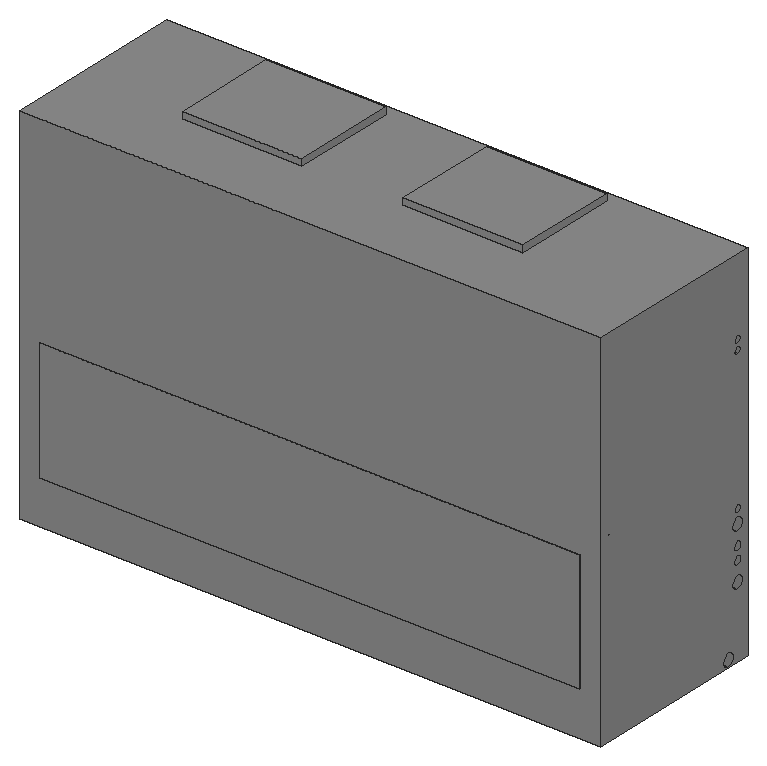
Revit family
Parameters (values of type "40RUQ16")
  Width = 2' - 4 3/16"
  Voltage = 0 V
  Version = 1
  Unit Material = Paint - Carrier - American Sterling Gray
  UV-C Germicidal Lamp [instance] = no
  URL = "www.carrier.com"
  Type Comments = "15 Tons Split System Heat Pump Indoor Unit"
  Top Duct Width = 1' - 4 1/16"
  Top Duct Length = 1' - 6 3/8"
  Top Duct Height = 0' - 1"
  TXV Bulb Connection Size = 7/8"
  TXV Bulb Connection Radius = TXV Bulb Connection Size / 2  # 0' - 0 7/16"
  Suction Connection Size = 1 1/8"
  Suction Connection Radius = Suction Connection Size / 2  # 0' - 0 9/16"
  Subbase [instance] = no
  Steam Heating Coil [instance] = no
  Right Clearance = 2' - 6"
  Return Air Intake Length = 6' - 10 3/4"
  Front Return Air Intake Height = 1' - 6 1/2"
  Return Air Grille [instance] = no
  Programmable Thermostats [instance] = no
  Prepainted Units [instance] = no
  Overhead Suspension Package [instance] = no
  Model = "40RUQ16"
  Manufacturer = "Carrier"  # constant formula
  MOCP = 0 A
  MCA = 0 A
  Liquid Connection Size = 5/8"
  Liquid Connection Radius = Liquid Connection Size / 2  # 0' - 0 5/16"
  Length = 7' - 5"
  Left Clearance = 2' - 6"
  Hot Water Heating Coils [instance] = no
  Height = 4' - 8 1/16"
  Front Clearance = 2' - 6"
  Fan Radius = 1' - 0"
  Electric Heat [instance] = no
  Economizer [instance] = no
  Drain Connection Size = 1 1/4"
  Drain Connection Radius = Drain Connection Size / 2  # 0' - 0 5/8"
  Disclaimer = "Manufacturer reserves the right to change, at any time, specifications and designs without notice and without obligation.  Please verify critical parameters with local Carrier commercial sales office."  # constant formula
  Discharge Plenum [instance] = no
  Condensate Drain Trap [instance] = no
  CO2 Sensors [instance] = no
  CFM Per Duct [instance] = 0 CFM
  CFM (nominal) = 0 CFM
  Bottom Return Air Intake Width = 1' - 5 1/4"
  Back Clearance = 0' - 3"
  Assembly Code = "D3050200"
  Alternate Fan Motors [instance] = no
  Alternate Drives [instance] = no
Types (3): name | Type Comments | Top Duct Width | Top Duct Length | Model
  (no name) | "15 Tons Split System Heat Pump Indoor Unit" | 1' - 4 1/16" | 1' - 6 3/8" | "40RUQ16"
  40RUQ16 | "15 Tons Split System Heat Pump Indoor Unit" | 1' - 4 1/16" | 1' - 6 3/8" | "40RUQ16"
  40RUQ25 | "20 Tons Split System Heat Pump Indoor Unit" | 1' - 4" | 1' - 6" | "40RUQ25"
Reference planes (in)
  plane 1 "Center (Front/Back)": y = 0
  plane 2: z = 0
  plane 3 "Center (Left/Right)": x = 0
  plane 4 "Bace Face of Unit": y = 14.09375
  plane 5 "Front Face of Unit": y = -14.09375
  plane 6 "Left Face of Unit": x = -44.5
  plane 7 "Right Face of Unit": x = 44.5
  plane 8 "Back Clearance Line": y = 17.09375
  plane 9 "Left Clearance Line": x = -74.5
  plane 10 "Right Clearance Line": x = 74.5
  plane 11 "Front Clearance Line": y = -44.09375
  plane 12 "Top of Unit": z = 56.0625
  plane 13 "Bottom of Unit": z = 0
  plane 14 "Left Top Duct Left Edge": x = -28
  plane 15 "Left Top Duct Right Edge": x = -9.625
  plane 16 "Top Duct Back Edge": y = 12.46875
  plane 17 "Top Duct Front Edge": y = -3.59375
  plane 18 "Top Duct Top": z = 57.0625
  plane 19 "Side Connections Centerline": y = 12.09375
  plane 20 "Lower Suction Connection Centerline": z = 11.0625
  plane 21 "Lower Liquid Connection Centerline": z = 14.0625
  plane 22 "Upper Liquid Connection Centerline": z = 16.0625
  plane 23 "Upper Suction Connection Centerline": z = 19.0625
  plane 24 "TXV Bulb Connection": z = 21.1875
  plane 25 "Top Power Entry Centerline": z = 44.4375
  plane 26 "Lower Power Entry Centerline": z = 42.9375
  plane 27 "Drain Connection Centerline": z = 1.125
  plane 28 "Drain Centerline - Horizontal": y = 10.34375
  plane 29 "Right Top Duct Left Edge": x = 5.75
  plane 30 "Right Top Duct Right Edge": x = 24.125
  plane 31 "Front Drain Connection Horizontal": z = 29.0625
  plane 32 "Front Drain Connection Vertical": y = -12.09375
  plane 33 "Left Edge of Intake": x = -41.375
  plane 34 "Right Edge of Intake": x = 41.375
  plane 35 "Top Edge of Intake": z = 25.25
  plane 36 "Bottom Edge of Intake": z = 6.75
  plane 37 "Back Edge of Intake": y = 6.84375
  plane 38 "Front Edge of Intake": y = -10.40625
Forms (in)
  Extrusion 1, solid, material "Paint - Carrier - American Sterling Gray" <- "Unit Material"
    sketch origin (0, 0, 0) x (1, 0, 0) y (0, 1, 0)
      loop
        line (-44.5, -14.09375) -> (44.5, -14.09375) -> (44.5, 14.09375) -> (-44.5, 14.09375) -> (-44.5, -14.09375)
    from 0 to 56.0625
  Extrusion 2, solid, material "Paint - Carrier - American Sterling Gray" <- "Unit Material", detail levels medium+fine
    sketch origin (0, 0, 56.0625) x (-1, 0, 0) y (0, -1, 0)
      loop
        line (28, 3.59375) -> (9.625, 3.59375) -> (9.625, -12.46875) -> (28, -12.46875) -> (28, 3.59375)
    from 0 to 1
  Extrusion 3, solid, material "Paint - Carrier - American Sterling Gray" <- "Unit Material", detail levels fine
    sketch origin (44.5, 0, 0) x (0, 1, 0) y (0, 0, 1)
      loop
        circle (12.09375, 44.4375) r 0.4375
    from 0 to -0.5
  Extrusion 4, solid, material "Paint - Carrier - American Sterling Gray" <- "Unit Material", detail levels fine
    sketch origin (44.5, 0, 0) x (0, 1, 0) y (0, 0, 1)
      loop
        circle (12.09375, 42.9375) r 0.4375
    from 0 to -0.5
  Extrusion 5, solid, material "Paint - Carrier - American Sterling Gray" <- "Unit Material", detail levels fine
    sketch origin (44.5, 0, 0) x (0, 1, 0) y (0, 0, 1)
      loop
        circle (12.09375, 21.1875) r 0.4375
    from 0 to -0.5
  Extrusion 6, solid, material "Paint - Carrier - American Sterling Gray" <- "Unit Material", detail levels fine
    sketch origin (44.5, 0, 0) x (0, 1, 0) y (0, 0, 1)
      loop
        circle (12.09375, 19.0625) r 0.875
    from 0 to -0.5
  Extrusion 7, solid, material "Paint - Carrier - American Sterling Gray" <- "Unit Material", detail levels fine
    sketch origin (44.5, 0, 0) x (0, 1, 0) y (0, 0, 1)
      loop
        circle (12.09375, 16.0625) r 0.5625
    from 0 to -0.5
  Extrusion 8, solid, material "Paint - Carrier - American Sterling Gray" <- "Unit Material", detail levels fine
    sketch origin (44.5, 0, 0) x (0, 1, 0) y (0, 0, 1)
      loop
        circle (12.09375, 14.0625) r 0.5625
    from 0 to -0.5
  Extrusion 9, solid, material "Paint - Carrier - American Sterling Gray" <- "Unit Material", detail levels fine
    sketch origin (44.5, 0, 0) x (0, 1, 0) y (0, 0, 1)
      loop
        circle (12.09375, 11.0625) r 0.875
    from 0 to -0.5
  Extrusion 10, solid, material "Paint - Carrier - American Sterling Gray" <- "Unit Material", detail levels fine
    sketch origin (44.5, 0, 0) x (0, 1, 0) y (0, 0, 1)
      loop
        circle (10.34375, 1.125) r 0.875
    from 0 to -0.5
  Extrusion 11, solid, material "Paint - Carrier - American Sterling Gray" <- "Unit Material", detail levels medium+fine
    sketch origin (0, 0, 56.0625) x (-1, 0, 0) y (0, -1, 0)
      loop
        line (-5.75, 3.59375) -> (-24.125, 3.59375) -> (-24.125, -12.46875) -> (-5.75, -12.46875) -> (-5.75, 3.59375)
    from 1 to 0
  Extrusion 12, solid, material "Paint - Carrier - American Sterling Gray" <- "Unit Material", detail levels fine
    sketch origin (44.5, 0, 0) x (0, 1, 0) y (0, 0, 1)
      loop
        circle (-12.09375, 29.0625) r 0.875
    from 0 to -0.5
  Extrusion 13, solid, material "Paint - Carrier - American Sterling Gray" <- "Unit Material", detail levels medium+fine
    sketch origin (0, -14.09375, 0) x (-1, 0, 0) y (0, 0, 1)
      loop
        line (41.375, 6.75) -> (41.375, 25.25) -> (-41.375, 25.25) -> (-41.375, 6.75) -> (41.375, 6.75)
    from 0 to 0.5
  Extrusion 14, solid, material "Paint - Carrier - American Sterling Gray" <- "Unit Material", detail levels medium+fine
    sketch origin (0, 0, 0) x (-1, 0, 0) y (0, -1, 0)
      loop
        line (41.375, 10.40625) -> (-41.375, 10.40625) -> (-41.375, -6.84375) -> (41.375, -6.84375) -> (41.375, 10.40625)
    from 0 to 0.5
Lines and regions (in)
  symbolic lines, style "Clearance Zones", detail levels fine
    curve 1: line (-74.5, -44.09375, 0) -> (74.5, -44.09375, 0)
    curve 2: line (-74.5, 17.09375, 0) -> (-74.5, -44.09375, 0)
    curve 3: line (74.5, 17.09375, 0) -> (-74.5, 17.09375, 0)
    curve 4: line (74.5, -44.09375, 0) -> (74.5, 17.09375, 0)
  model lines, detail levels medium+fine
    curve 5: line (-42, -14.09375, 3.5) -> (42, -14.09375, 3.5)
    curve 6: line (-42, -14.09375, 26.78125) -> (-42, -14.09375, 3.5)
    curve 7: line (42, -14.09375, 26.78125) -> (-42, -14.09375, 26.78125)
    curve 8: line (42, -14.09375, 3.5) -> (42, -14.09375, 26.78125)
    curve 9: line (-42, -14.09375, 29.28125) -> (42, -14.09375, 29.28125)
    curve 10: line (-42, -14.09375, 53.5625) -> (-42, -14.09375, 29.28125)
    curve 11: line (42, -14.09375, 53.5625) -> (-42, -14.09375, 53.5625)
    curve 12: line (42, -14.09375, 29.28125) -> (42, -14.09375, 53.5625)
    curve 13: line (-44.5, 10.09375, 3.5) -> (-44.5, -10.09375, 3.5)
    curve 14: line (-44.5, 10.09375, 53.5625) -> (-44.5, 10.09375, 3.5)
    curve 15: line (-44.5, -10.09375, 53.5625) -> (-44.5, 10.09375, 53.5625)
    curve 16: line (-44.5, -10.09375, 3.5) -> (-44.5, -10.09375, 53.5625)
    curve 17: line (44.5, -10.09375, 3.5) -> (44.5, 10.09375, 3.5)
    curve 18: line (44.5, -10.09375, 53.5625) -> (44.5, -10.09375, 3.5)
    curve 19: line (44.5, 10.09375, 53.5625) -> (44.5, -10.09375, 53.5625)
    curve 20: line (44.5, 10.09375, 3.5) -> (44.5, 10.09375, 53.5625)
Dimensions and locks (in)
  equal spacing: plane 6 "Left Face of Unit", plane 3 "Center (Left/Right)", plane 7 "Right Face of Unit"
  "Length": plane 6 "Left Face of Unit" to plane 7 "Right Face of Unit"
  equal spacing: plane 4 "Bace Face of Unit", plane 1 "Center (Front/Back)", plane 5 "Front Face of Unit"
  "Width": plane 4 "Bace Face of Unit" to plane 5 "Front Face of Unit"
  "Left Clearance": plane 9 "Left Clearance Line" to plane 6 "Left Face of Unit"
  "Right Clearance": plane 7 "Right Face of Unit" to plane 10 "Right Clearance Line"
  "Back Clearance": plane 8 "Back Clearance Line" to plane 4 "Bace Face of Unit"
  "Front Clearance": plane 5 "Front Face of Unit" to plane 11 "Front Clearance Line"
  "Height": plane 12 "Top of Unit" to level
  plane 6 "Left Face of Unit" to plane 14 "Left Top Duct Left Edge" = 1' - 4 1/2"
  "Top Duct Length": plane 14 "Left Top Duct Left Edge" to plane 15 "Left Top Duct Right Edge"
  "Top Duct Width": plane 16 "Top Duct Back Edge" to plane 17 "Top Duct Front Edge"
  locked: plane 4 "Bace Face of Unit" to plane 16 "Top Duct Back Edge" at 1.625
  "Top Duct Height": plane 18 "Top Duct Top" to plane 12 "Top of Unit"
  locked: curve 10 to plane 6 "Left Face of Unit" at 2.5
  locked: plane 7 "Right Face of Unit" to curve 12 at 2.5
  locked: plane 12 "Top of Unit" to curve 11 at 2.5
  locked: curve 11 to curve 9 at 24.28125
  locked: curve 9 to curve 7 at 2.5
  locked: curve 5 to plane 13 "Bottom of Unit" at 3.5
  plane 4 "Bace Face of Unit" to curve 14 = 0' - 4"
  curve 16 to plane 5 "Front Face of Unit" = 0' - 4"
  curve 13 to plane 13 "Bottom of Unit" = 0' - 3 1/2"
  plane 12 "Top of Unit" to curve 15 = 0' - 2 1/2"
  locked: plane 19 "Side Connections Centerline" to plane 4 "Bace Face of Unit" at 2
  locked: plane 20 "Lower Suction Connection Centerline" to plane 13 "Bottom of Unit" at 11.0625
  locked: plane 21 "Lower Liquid Connection Centerline" to plane 13 "Bottom of Unit" at 14.0625
  locked: plane 22 "Upper Liquid Connection Centerline" to plane 13 "Bottom of Unit" at 16.0625
  locked: plane 23 "Upper Suction Connection Centerline" to plane 13 "Bottom of Unit" at 19.0625
  locked: plane 24 "TXV Bulb Connection" to plane 13 "Bottom of Unit" at 21.1875
  locked: plane 26 "Lower Power Entry Centerline" to plane 13 "Bottom of Unit" at 42.9375
  locked: plane 25 "Top Power Entry Centerline" to plane 13 "Bottom of Unit" at 44.4375
  locked: plane 28 "Drain Centerline - Horizontal" to plane 4 "Bace Face of Unit" at 3.75
  locked: plane 15 "Left Top Duct Right Edge" to plane 29 "Right Top Duct Left Edge" at 15.375
  "Top Duct Length": plane 29 "Right Top Duct Left Edge" to plane 30 "Right Top Duct Right Edge"
  locked: plane 31 "Front Drain Connection Horizontal" to plane 13 "Bottom of Unit" at 29.0625
  locked: plane 5 "Front Face of Unit" to plane 32 "Front Drain Connection Vertical" at 2
  locked: plane 33 "Left Edge of Intake" to plane 6 "Left Face of Unit" at 3.125
  "Return Air Intake Length": plane 34 "Right Edge of Intake" to plane 33 "Left Edge of Intake"
  locked: plane 36 "Bottom Edge of Intake" to plane 13 "Bottom of Unit" at 6.75
  "Front Return Air Intake Height": plane 35 "Top Edge of Intake" to plane 36 "Bottom Edge of Intake"
  locked: plane 38 "Front Edge of Intake" to plane 5 "Front Face of Unit" at 3.6875
  "Bottom Return Air Intake Width": plane 37 "Back Edge of Intake" to plane 38 "Front Edge of Intake"
  locked: Extrusion 14 to plane 13 "Bottom of Unit" at 0.5
  radius of Extrusion 3 sketch curve = 0' - 0 7/16"
  radius of Extrusion 4 sketch curve = 0' - 0 7/16"
  radius of Extrusion 5 sketch curve = 0' - 0 7/16"
  radius of Extrusion 6 sketch curve = 0' - 0 7/8"
  radius of Extrusion 7 sketch curve = 0' - 0 9/16"
  radius of Extrusion 8 sketch curve = 0' - 0 9/16"
  radius of Extrusion 9 sketch curve = 0' - 0 7/8"
  radius of Extrusion 10 sketch curve = 0' - 0 7/8"
  radius of Extrusion 12 sketch curve = 0' - 0 7/8"
  aligned and locked: level to plane 2
  aligned and locked: plane 8 "Back Clearance Line" to curve 3
  aligned and locked: plane 10 "Right Clearance Line" to curve 4
  aligned and locked: curve 1 to plane 11 "Front Clearance Line"
  aligned and locked: curve 2 to plane 9 "Left Clearance Line"
  aligned and locked: level to plane 13 "Bottom of Unit"
  aligned and locked: plane 4 "Bace Face of Unit" to Extrusion 1 sketch curve
  aligned and locked: Extrusion 1 sketch curve to plane 6 "Left Face of Unit"
  aligned and locked: plane 7 "Right Face of Unit" to Extrusion 1
  aligned and locked: Extrusion 1 to plane 5 "Front Face of Unit"
  aligned and locked: plane 12 "Top of Unit" to Extrusion 1
  aligned and locked: Extrusion 1 to plane 13 "Bottom of Unit"
  aligned and locked: plane 16 "Top Duct Back Edge" to Extrusion 2 sketch curve
  aligned and locked: plane 15 "Left Top Duct Right Edge" to Extrusion 2 sketch curve
  aligned and locked: Extrusion 2 sketch curve to plane 14 "Left Top Duct Left Edge"
  aligned and locked: Extrusion 2 sketch curve to plane 17 "Top Duct Front Edge"
  aligned and locked: Extrusion 2 to plane 12 "Top of Unit"
  aligned and locked: plane 18 "Top Duct Top" to Extrusion 2
  aligned and locked: curve 10 to curve 6
  aligned and locked: curve 8 to curve 12
  aligned and locked: curve 19 to curve 15
  aligned and locked: curve 18 to curve 16
  aligned and locked: curve 17 to curve 13
  aligned and locked: curve 20 to curve 14
  aligned and locked: plane 19 "Side Connections Centerline" to Extrusion 3 sketch curve
  aligned and locked: plane 25 "Top Power Entry Centerline" to Extrusion 3 sketch curve
  aligned and locked: plane 7 "Right Face of Unit" to Extrusion 3
  aligned and locked: plane 19 "Side Connections Centerline" to Extrusion 4 sketch curve
  aligned and locked: plane 26 "Lower Power Entry Centerline" to Extrusion 4 sketch curve
  aligned and locked: plane 19 "Side Connections Centerline" to Extrusion 5 sketch curve
  aligned and locked: plane 24 "TXV Bulb Connection" to Extrusion 5 sketch curve
  aligned and locked: plane 23 "Upper Suction Connection Centerline" to Extrusion 6 sketch curve
  aligned and locked: plane 19 "Side Connections Centerline" to Extrusion 6 sketch curve
  aligned and locked: plane 19 "Side Connections Centerline" to Extrusion 7 sketch curve
  aligned and locked: plane 22 "Upper Liquid Connection Centerline" to Extrusion 7 sketch curve
  aligned and locked: plane 19 "Side Connections Centerline" to Extrusion 8 sketch curve
  aligned and locked: plane 21 "Lower Liquid Connection Centerline" to Extrusion 8 sketch curve
  aligned and locked: plane 19 "Side Connections Centerline" to Extrusion 9 sketch curve
  aligned and locked: plane 20 "Lower Suction Connection Centerline" to Extrusion 9 sketch curve
  aligned and locked: plane 28 "Drain Centerline - Horizontal" to Extrusion 10 sketch curve
  aligned and locked: plane 27 "Drain Connection Centerline" to Extrusion 10 sketch curve
  aligned and locked: plane 7 "Right Face of Unit" to Extrusion 10
  aligned and locked: plane 7 "Right Face of Unit" to Extrusion 9
  aligned and locked: plane 7 "Right Face of Unit" to Extrusion 8
  aligned and locked: plane 7 "Right Face of Unit" to Extrusion 7
  aligned and locked: plane 7 "Right Face of Unit" to Extrusion 6
  aligned and locked: plane 7 "Right Face of Unit" to Extrusion 5
  aligned and locked: plane 7 "Right Face of Unit" to Extrusion 4
  aligned and locked: plane 30 "Right Top Duct Right Edge" to Extrusion 11 sketch curve
  aligned and locked: Extrusion 11 sketch curve to plane 29 "Right Top Duct Left Edge"
  aligned and locked: plane 16 "Top Duct Back Edge" to Extrusion 11 sketch curve
  aligned and locked: Extrusion 11 sketch curve to plane 17 "Top Duct Front Edge"
  aligned and locked: Extrusion 11 to plane 12 "Top of Unit"
  aligned and locked: plane 18 "Top Duct Top" to Extrusion 11
  aligned and locked: plane 32 "Front Drain Connection Vertical" to Extrusion 12 sketch curve
  aligned and locked: plane 31 "Front Drain Connection Horizontal" to Extrusion 12 sketch curve
  aligned and locked: plane 7 "Right Face of Unit" to Extrusion 12
  aligned and locked: plane 34 "Right Edge of Intake" to Extrusion 13 sketch curve
  aligned and locked: plane 35 "Top Edge of Intake" to Extrusion 13 sketch curve
  aligned and locked: Extrusion 13 sketch curve to plane 33 "Left Edge of Intake"
  aligned and locked: Extrusion 13 sketch curve to plane 36 "Bottom Edge of Intake"
  aligned and locked: plane 34 "Right Edge of Intake" to Extrusion 14 sketch curve
  aligned and locked: Extrusion 14 sketch curve to plane 33 "Left Edge of Intake"
  aligned and locked: Extrusion 14 sketch curve to plane 38 "Front Edge of Intake"
  aligned and locked: plane 37 "Back Edge of Intake" to Extrusion 14 sketch curve
  aligned and locked: Extrusion 14 to plane 13 "Bottom of Unit"
Automatic sketch dimensions
  Extrusion 1 sketch curve to plane 7 "Right Face of Unit" = 0' - 0"
  plane 5 "Front Face of Unit" to Extrusion 1 sketch curve = 0' - 0"
Connectors (in)
  hvac at (-18.8125, 4.4375, 57.0625), driven by "Top Duct Length", driven by "Top Duct Width", driven by "CFM Per Duct"
    settings: on Extrusion 2, index 1, duct flow 0 CFM, flow factor 0, pres drop 0.00 in-wg, loss coef 0, conn angle 0.00°, conn width 18 3/8", conn height 16 1/16", conn radius 12", duct sys type 1, conn prof type 1, flow config 0, flow direction 2, loss method 0, conn ref index -1, conn util no, is conn primary yes, conn desc "Left Top Supply Air"
  piping at (44.5, 10.34375, 1.125), driven by "Drain Connection Radius"
    settings: on Extrusion 10, index 2, connector radius 5/8", flow factor 0, pipe flow 0 GPM, pressure drop 0.00 psi, fitting loss kfactor 0, connector angle 0.00°, fixture units 0, flow configuration 0, flow direction 2, fitting loss method 0, system type 16, connector reference index -1, connector utility 0, adjustable connector no, is connector primary yes, fitting loss table "", connector description "Drain"
  piping at (44.5, 12.09375, 11.0625), driven by "Suction Connection Radius"
    settings: on Extrusion 9, index 3, connector radius 9/16", flow factor 0, pipe flow 0 GPM, pressure drop 0.00 psi, fitting loss kfactor 0, connector angle 0.00°, fixture units 0, flow configuration 1, flow direction 2, fitting loss method 0, system type 22, connector reference index -1, connector utility 0, adjustable connector no, is connector primary no, fitting loss table "", connector description "Lower Suction Connection"
  piping at (44.5, 12.09375, 14.0625), driven by "Liquid Connection Radius"
    settings: on Extrusion 8, index 4, connector radius 5/16", flow factor 0, pipe flow 0 GPM, pressure drop 0.00 psi, fitting loss kfactor 0, connector angle 0.00°, fixture units 0, flow configuration 1, flow direction 1, fitting loss method 0, system type 22, connector reference index -1, connector utility 0, adjustable connector no, is connector primary no, fitting loss table "", connector description "Lower Liquid Connection"
  piping at (44.5, 12.09375, 16.0625), driven by "Liquid Connection Radius"
    settings: on Extrusion 7, index 5, connector radius 5/16", flow factor 0, pipe flow 0 GPM, pressure drop 0.00 psi, fitting loss kfactor 0, connector angle 0.00°, fixture units 0, flow configuration 1, flow direction 1, fitting loss method 0, system type 22, connector reference index -1, connector utility 0, adjustable connector no, is connector primary no, fitting loss table "", connector description "Upper Liquid Connection"
  piping at (44.5, 12.09375, 19.0625), driven by "Suction Connection Radius"
    settings: on Extrusion 6, index 6, connector radius 9/16", flow factor 0, pipe flow 0 GPM, pressure drop 0.00 psi, fitting loss kfactor 0, connector angle 0.00°, fixture units 0, flow configuration 1, flow direction 2, fitting loss method 0, system type 22, connector reference index -1, connector utility 0, adjustable connector no, is connector primary no, fitting loss table "", connector description "Upper Suction Connection"
  piping at (44.5, 12.09375, 21.1875), driven by "TXV Bulb Connection Radius"
    settings: on Extrusion 5, index 7, connector radius 7/16", flow factor 0, pipe flow 0 GPM, pressure drop 0.00 psi, fitting loss kfactor 0, connector angle 0.00°, fixture units 0, flow configuration 1, flow direction 1, fitting loss method 0, system type 22, connector reference index -1, connector utility 0, adjustable connector no, is connector primary no, fitting loss table "", connector description "TXV Bulb"
  electrical at (44.5, 12.09375, 44.4375)
    settings: on Extrusion 3, index 8, voltage 0 V, apparent load 0 VA, apparent load phase1 0 VA, apparent load phase2 0 VA, apparent load phase3 0 VA, power factor 1, load classification "Power", number of poles 3, system type 30, power factor state 1, is connector primary yes, connector utility no, sub classification motor no, connector description "Power Supply"
  electrical at (44.5, 12.09375, 42.9375)
    settings: on Extrusion 4, index 9, voltage 0 V, apparent load 0 VA, apparent load phase1 0 VA, apparent load phase2 0 VA, apparent load phase3 0 VA, power factor 1, load classification "Motor", number of poles 3, system type 30, power factor state 1, is connector primary no, connector utility no, sub classification motor no, connector description "Optional Fan Motor"
  hvac at (14.9375, 4.4375, 57.0625), driven by "CFM Per Duct", driven by "Top Duct Length", driven by "Top Duct Width"
    settings: on Extrusion 11, index 10, duct flow 0 CFM, flow factor 0, pres drop 0.00 in-wg, loss coef 0, conn angle 0.00°, conn width 18 3/8", conn height 16 1/16", conn radius 12", duct sys type 1, conn prof type 1, flow config 1, flow direction 2, loss method 0, conn ref index -1, conn util no, is conn primary no, conn desc "Right Top Supply Air"
  hvac at (0, -14.09375, 16), driven by "Front Return Air Intake Height", driven by "Return Air Intake Length"
    settings: on Extrusion 13, index 11, duct flow 0 CFM, flow factor 0, pres drop 0.00 in-wg, loss coef 0, conn angle 0.00°, conn width 82 3/4", conn height 18 1/2", conn radius 12", duct sys type 2, conn prof type 1, flow config 0, flow direction 1, loss method 0, conn ref index -1, conn util no, is conn primary no, conn desc "Front Return Air Intake"
  hvac at (0, -1.78125, 0), driven by "Bottom Return Air Intake Width", driven by "Return Air Intake Length"
    settings: on Extrusion 14, index 12, duct flow 0 CFM, flow factor 0, pres drop 0.00 in-wg, loss coef 0, conn angle 0.00°, conn width 82 3/4", conn height 17 1/4", conn radius 12", duct sys type 2, conn prof type 1, flow config 0, flow direction 1, loss method 0, conn ref index -1, conn util no, is conn primary no, conn desc "Bottom Return Air Intake"
